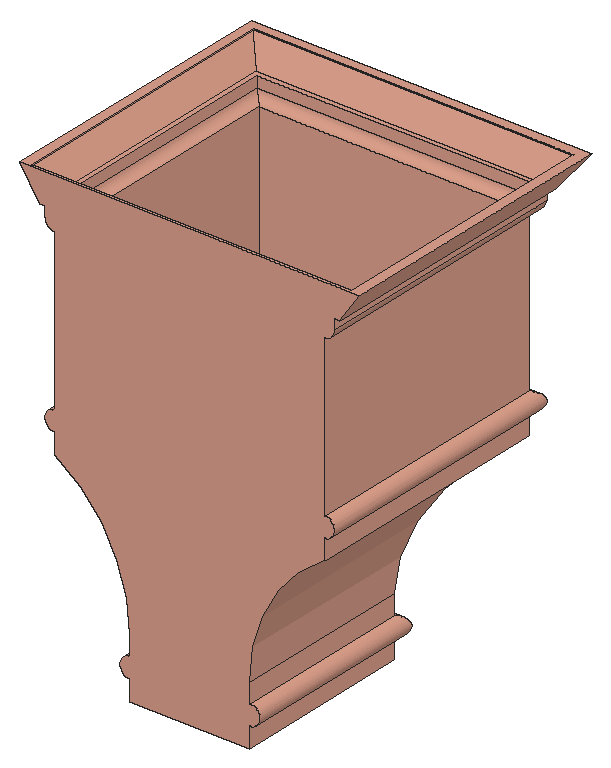
Revit family
Parameters (values of type "Continuous Spouting - Churchill (Copper)")
  Ownership = "Continuous Spouting New Zealand Ltd"
  Top Depth = Base Depth + 110.0 mm  # 290.0 mm
  Top Width = Base Width + 220.0 mm  # 340.0 mm
  Downpipe Radius = 40.0 mm
  Downpipe Offset = Distance from Wall + 80.0 mm  # 100.0 mm
  Base Width = 120.0 mm
  URL = "http://www.productspec.net/products/8632/continuous-spouting-new-zealand-ltd/rainwater-heads-churchill.aspx"
  Type Comments = "Rainwater Head"
  Rainwater Head = Copper
  Model = "Churchill"
  Manufacturer = "Continuous Spouting New Zealand Ltd"
  Height = 445.0 mm  # constant formula
  Distance from Wall = 20.0 mm
  Base Depth = 180.0 mm
  Created By = "Productspec Ltd"
  Author = "Zinder Zhao"
Types (5, lengths in mm): name | Rainwater Head
  Continuous Spouting - Churchill (Copper) | Copper
  Continuous Spouting - Churchill (Aluminium) | Aluminium
  Continuous Spouting - Churchill (Zinc) | Zinc
  Continuous Spouting - Churchill (Colorcote®) | Colorcote®
  Continuous Spouting - Churchill (Unpainted Zincalume) | Unpainted Zincalume
Reference planes
  plane 1: y = 0
  plane 2 "Center (Left/Right)": x = 120
  plane 3 "Back": y = 75
  plane 4 "Rainwater Head Back": y = 95
  plane 5: y = 275
  plane 6: y = 385
  plane 7: x = 60
  plane 8: x = 180
  plane 9: z = 445
  plane 10: y = 175
  plane 11: x = -50
  plane 12: x = 290
Forms (mm)
  Sweep 1, solid, material "Copper" <- "Rainwater Head"
    path origin (0, 0, 0) x (1, 0, 0) y (0, 1, 0)
      loop
        line (60, 95) -> (60, 275) -> (180, 275) -> (180, 95)
    profile origin (60, 185, 0) x (-1, 0, 0) y (0, 0, 1)
      loop
        line (0, 0) -> (0, 20)
        arc (0, 20) -> (10, 30) -> (0, 40) r 10
        line (0, 40) -> (0, 60)
        arc (0, 60) -> (20.009, 137.217) -> (75, 195) r 159
        line (75, 195) -> (75, 215)
        arc (75, 215) -> (85, 225) -> (75, 235) r 10
        line (75, 235) -> (75, 395)
        arc (75, 395) -> (82.071, 397.929) -> (85, 405) r 10
        line (85, 405) -> (85, 415) -> (90, 415) -> (110, 445) -> (100, 445) -> (100, 444) -> (108.131, 444) -> (89.465, 416) -> (84, 416) -> (84, 405.071)
        arc (84, 405.071) -> (81.013, 398.304) -> (74, 395.953) r 9.156
        line (74, 395.953) -> (74, 234.048)
        arc (74, 234.048) -> (83.398, 225.037) -> (74, 216.027) r 9.019
        line (74, 216.027) -> (74, 195.572)
        arc (74, 195.572) -> (18.999, 137.43) -> (-1, 59.933) r 160.154
        line (-1, 59.933) -> (-1, 38.944)
        arc (-1, 38.944) -> (9, 30) -> (-1, 21.056) r 9
        line (-1, 21.056) -> (-1, 0) -> (0, 0)
  Extrusion 2, solid, material "Copper" <- "Rainwater Head"
    sketch origin (0, 95, 0) x (-1, 0, 0) y (0, 0, 1)
      loop
        line (50, 445) -> (-290, 445) -> (-270, 415) -> (-265, 415) -> (-265, 405)
        arc (-265, 405) -> (-262.071, 397.929) -> (-255, 395) r 10
        line (-255, 395) -> (-255, 235)
        arc (-255, 235) -> (-265, 225) -> (-255, 215) r 10
        line (-255, 215) -> (-255, 195)
        arc (-255, 195) -> (-200.009, 137.217) -> (-180, 60) r 159
        line (-180, 60) -> (-180, 40)
        arc (-180, 40) -> (-190, 30) -> (-180, 20) r 10
        line (-180, 20) -> (-180, 0) -> (-60, 0) -> (-60, 20)
        arc (-60, 20) -> (-50, 30) -> (-60, 40) r 10
        line (-60, 40) -> (-60, 60)
        arc (-60, 60) -> (-39.991, 137.217) -> (15, 195) r 159
        line (15, 195) -> (15, 215)
        arc (15, 215) -> (25, 225) -> (15, 235) r 10
        line (15, 235) -> (15, 395)
        arc (15, 395) -> (22.071, 397.929) -> (25, 405) r 10
        line (25, 405) -> (25, 415) -> (30, 415) -> (50, 445)
    from 0 to 2
  Extrusion 3, solid, material "Copper" <- "Rainwater Head"
    sketch origin (0, 0, 0) x (1, 0, 0) y (0, 1, 0)
      loop
        circle (120, 175) r 40
      loop
        line (179, 97) -> (179, 274) -> (61, 274) -> (61, 97) -> (179, 97)
    from 0 to 2
Cuts and joins
  joined: Sweep 1, Extrusion 2, Extrusion 3
Lines and regions (mm)
  symbolic lines, detail levels fine
    curve 1: line (143.379, 75, 328.854) -> (255, 75, 395)
    curve 2: line (96.621, 75, 328.854) -> (-15, 75, 395)
    curve 3: line (143.379, 75, 301.146) -> (255, 75, 235)
    curve 4: line (96.621, 75, 301.146) -> (-15, 75, 235)
    curve 5: arc (145, 75, 320) -> (137.678, 75, 337.678) -> (120, 75, 345) r 25
    curve 6: arc (120, 75, 345) -> (102.322, 75, 337.678) -> (95, 75, 320) r 25
    curve 7: line (145, 75, 310) -> (145, 75, 320)
    curve 8: arc (120, 75, 285) -> (137.678, 75, 292.322) -> (145, 75, 310) r 25
    curve 9: arc (95, 75, 310) -> (102.322, 75, 292.322) -> (120, 75, 285) r 25
    curve 10: line (95, 75, 320) -> (95, 75, 310)
  symbolic lines, detail levels medium+fine
    curve 11: line (-50, 385, 0) -> (290, 385, 0)
    curve 12: line (-50, 95, 0) -> (-50, 385, 0)
    curve 13: line (290, 95, 0) -> (-50, 95, 0)
    curve 14: line (290, 385, 0) -> (290, 95, 0)
Text (mm)
  text "Placement side" at (-1787.139, 592.35, 0), in view "Ref. Level"
  text "Placement side" at (0, 1827.695, 2917.686), in view "Left"
  text "Placement side" at (0, 562.268, 3853.606), in view "Right"
Dimensions and locks
  locked: plane 3 "Back" to host wall at 0
  "Distance from Wall": plane 4 "Rainwater Head Back" to plane 3 "Back"
  "Base Depth": plane 5 to plane 4 "Rainwater Head Back"
  "Height": level to plane 9
  "Downpipe Offset": plane 10 to plane 3 "Back"
  "Top Depth": plane 6 to plane 4 "Rainwater Head Back"
  "Base Width": plane 7 to plane 8
  "Top Width": plane 11 to plane 12
  equal spacing: plane 7, plane 2 "Center (Left/Right)", plane 8
  equal spacing: plane 11, plane 2 "Center (Left/Right)", plane 12
  "Downpipe Radius": radius of Extrusion 3 sketch curve
  aligned and locked: host wall to plane 1
  aligned and locked: Sweep 1 sketch curve to plane 8
  aligned and locked: Sweep 1 sketch curve to plane 5
  aligned and locked: plane 7 to Sweep 1 sketch curve
  aligned and locked: profile plane to Sweep 1 sketch curve
  aligned and locked: cut or joined group of Sweep 1, Extrusion 2, Extrusion 3 to Extrusion 3 sketch curve
  aligned and locked: Extrusion 3 sketch curve to cut or joined group of Sweep 1, Extrusion 2, Extrusion 3  (x3)
  aligned and locked: Extrusion 2 sketch curve to cut or joined group of Sweep 1, Extrusion 2, Extrusion 3  (x22)
  aligned and locked: plane 6 to cut or joined group of Sweep 1, Extrusion 2, Extrusion 3
  aligned and locked: curve 11 to cut or joined group of Sweep 1, Extrusion 2, Extrusion 3  (x2)
  aligned and locked: curve 14 to cut or joined group of Sweep 1, Extrusion 2, Extrusion 3  (x2)
Automatic sketch dimensions
  Sweep 1 sketch curve to plane 4 "Rainwater Head Back" = 0.0 mm  (x2)
  Sweep 1 sketch curve to Sweep 1 sketch curve = 0.0 mm  (x3)
  Sweep 1 sketch curve to profile plane = 0.0 mm
  profile plane to Sweep 1 sketch curve = 1.0 mm  (x2)
  Sweep 1 sketch curve to Sweep 1 sketch curve = 0.379 mm
  Sweep 1 sketch curve to Sweep 1 sketch curve = 0.844 mm
  Sweep 1 sketch curve to Sweep 1 sketch curve = 0.621 mm
  Sweep 1 sketch curve to Sweep 1 sketch curve = 9.0 mm
  Sweep 1 sketch curve to Sweep 1 sketch curve = 1.0 mm  (x3)
  Sweep 1 sketch curve to Sweep 1 sketch curve = 4.465 mm
  Sweep 1 sketch curve to Sweep 1 sketch curve = 0.535 mm
  Sweep 1 sketch curve to Sweep 1 sketch curve = 10.535 mm
  Sweep 1 sketch curve to Sweep 1 sketch curve = 8.131 mm
  Sweep 1 sketch curve to Sweep 1 sketch curve = 1.869 mm
  level to Sweep 1 sketch curve = 60.0 mm
  Sweep 1 sketch curve to Sweep 1 sketch curve = 84.0 mm
  Sweep 1 sketch curve to Sweep 1 sketch curve = 0.154 mm
  Sweep 1 sketch curve to Sweep 1 sketch curve = 20.0 mm
  Sweep 1 sketch curve to Sweep 1 sketch curve = 1.056 mm
  Sweep 1 sketch curve to Sweep 1 sketch curve = 8.944 mm
  Sweep 1 sketch curve to Sweep 1 sketch curve = 0.067 mm
  Sweep 1 sketch curve to Sweep 1 sketch curve = 19.428 mm
  Sweep 1 sketch curve to Sweep 1 sketch curve = 1.027 mm
  Sweep 1 sketch curve to Sweep 1 sketch curve = 8.973 mm
  Sweep 1 sketch curve to Sweep 1 sketch curve = 0.037 mm
  Sweep 1 sketch curve to Sweep 1 sketch curve = 160.0 mm
  Sweep 1 sketch curve to Sweep 1 sketch curve = 0.953 mm
  Sweep 1 sketch curve to Sweep 1 sketch curve = 9.929 mm
  Sweep 1 sketch curve to Sweep 1 sketch curve = 28.0 mm
  Sweep 1 sketch curve to profile plane = 74.0 mm
  Extrusion 3 sketch curve to plane 2 "Center (Left/Right)" = 0.0 mm
  Extrusion 3 sketch curve to plane 10 = 0.0 mm
  curve 2 to plane 9 = 50.0 mm
  curve 1 to plane 9 = 50.0 mm
  curve 5 to plane 2 "Center (Left/Right)" = 0.0 mm
  curve 5 to curve 6 = 0.0 mm
  curve 6 to curve 2 = 1.621 mm
  curve 9 to curve 4 = 1.621 mm
  curve 8 to curve 9 = 0.0 mm
  curve 10 to plane 2 "Center (Left/Right)" = 25.0 mm
  curve 1 to curve 7 = 1.621 mm
  curve 3 to curve 7 = 1.621 mm
  curve 5 to plane 9 = 100.0 mm
  curve 9 to curve 5 = 10.0 mm
  curve 4 to curve 4 = 66.146 mm
  curve 3 to curve 3 = 66.146 mm
  plane 8 to curve 1 = 75.0 mm
  plane 8 to curve 3 = 75.0 mm
  curve 4 to plane 7 = 75.0 mm
  curve 2 to plane 7 = 75.0 mm
Connectors
  piping at (120, 175, 0), driven by "Downpipe Radius"
    settings: on cut or joined group of Sweep 1, Extrusion 2, Extrusion 3, index 1
